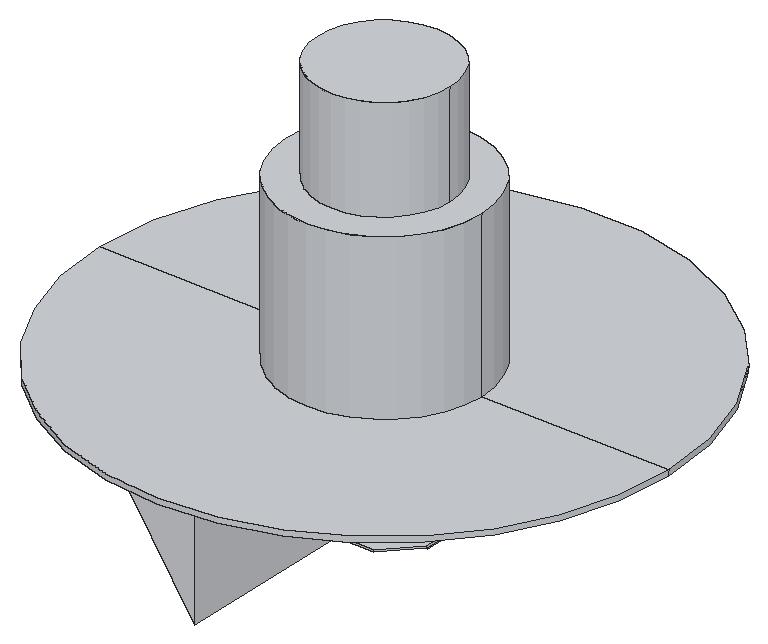
Revit family "XLQRHC", category Sprinklers, Revit 2019
Family settings
  Maintain Annotation Orientation = No
  Round Connector Dimension = Use Diameter
  Part Type = Normal
  OmniClass Number = 23.85.30.21
  OmniClass Title = Environmental Detection/Registration
  Work Plane-Based = No
  Always vertical = Yes
  Cut with Voids When Loaded = No
  Shared = No
  Room Calculation Point = No
Parameters (values of type "RASCO XL QR COMMERCIAL HSW")
  Temperature Rating = 165 °F
  Response = Quick
  RASCO SIN # = "R4534"
  RASCO Part # = "XLQRHC"
  Pressure Rating = "175 PSI"
  Pressure Class = Standard
  Orifice Size = 7/16"
  Orifice = Standard
  Model = "XL QR COMMERCIAL  HSW"
  Manufacturer = "RASCO"
  K-Factor = 5.6
  Diameter = 5 5/128"
  Description = "CHROME FINISH"
  Coverage = Standard
Reference planes (in)
  plane 1 "Center (Front/Back)": y = 0
  plane 2: z = 0
  plane 3 "Center (Left/Right)": x = 0
Nested families (in)
  nested 1: "RASCO- XLQRHC" at (0, 1.12168, 0), type "RASCO XL QR COMMERCIAL HORIZONTAL SIDEWALL"
Connectors (in)
  piping at (0, 1.12168, 2.509), diameter 0.8125
    settings: on nested 1, index 1, connector inside diameter 24", connector length 0' - 0", flow factor 0, pipe flow 0 GPM, pressure drop 0.00 psi, fitting loss kfactor 0, connector angle 0.00°, fixture units 0, engagement length 0' - 0", angle of deflection 0.00°, flow configuration 0, flow direction 0, fitting loss method 0, system type 7, joint type 0, gender type 0, connector reference index -1, connector utility 0, adjustable connector no, is connector primary yes, connector description ""
Definition of nested family "RASCO- XLQRHC"
  Parameters (values of type "RASCO XL INSTITUTIONAL")
    Type Comments = ""
    Temperature Rating = 0 °F
    Response = (empty or 0)
    Pressure Rating = "0"
    Pressure Class = (empty or 0)
    Orifice Size = 0"
    Orifice = (empty or 0)
    Model = ""
    Manufacturer = ""
    K-Factor = 0
    Coverage = (empty or 0)
    Assembly Code = ""
  Reference planes (in)
    plane 1 "Center (Front/Back)": y = 0
    plane 2: z = 0
    plane 3 "Center (Left/Right)": x = 0
    plane 4 "ref.2": z = 0.873
    plane 5 "ref.3": z = 1.878
    plane 6 "ref. 4": z = 0.294
    plane 7: z = 0.166
    plane 8: z = 0.363
    plane 9 "ref. 5": z = 0.06291
  Forms (in)
    Extrusion 1, solid
      sketch origin (0, 0, 0.873) x (-1, 0, 0) y (0, -1, 0)
        loop
          circle (0, 0) r 0.598
      from 0 to 1.005
    Extrusion 2, solid
      sketch origin (0, 0, 1.75079) x (-1, 0, 0) y (0, -1, 0)
        loop
          circle (0, 0) r 0.405
      from 0.12721 to 0.75821
    Revolve 3, solid
      sketch origin (0, 0, 0.363) x (1, 0, 0) y (0, 0, 1)
        loop
          line (0, 0.51) -> (-1.75, 0.51) -> (-1.75, 0.475) -> (-0.628, 0) -> (0, 0) -> (0, 0.51)
        axis (0, 0.51) -> (0, 0)
      angle from 0 to 360
    Extrusion 4, solid
      sketch origin (0, 0, 0.294) x (0, -1, 0) y (1, 0, 0)
        loop
          circle (0, 0) r 0.614
      from 0.069 to 0
    Revolve 5, solid
      sketch origin (0, 0, 0) x (1, 0, 0) y (0, 0, 1)
        loop
          line (-0.5, 0.294) -> (-0.20877, 0.166) -> (0, 0.166) -> (0, 0.294) -> (-0.5, 0.294)
        axis (0, 0.294) -> (0, 0.166)
      angle from 0 to 360
    Extrusion 6, solid
      sketch origin (0, 0, 0) x (1, 0, 0) y (0, 0, 1)
        loop
          line (-0.34833, 0.24105) -> (-0.37436, 0.19597)
          arc (-0.37436, 0.19597) -> (-0.38219, 0.17257) -> (-0.38025, 0.14797) r 0.06189
          line (-0.38025, 0.14797) -> (-0.35586, 0.06291) -> (-0.39443, 0.0359) -> (-0.35853, 0) -> (-0.31379, 0.03133)
          arc (-0.31379, 0.03133) -> (-0.3038, 0.04447) -> (-0.30329, 0.06097) r 0.02708
          line (-0.30329, 0.06097) -> (-0.32899, 0.15061)
          arc (-0.32899, 0.15061) -> (-0.33022, 0.16619) -> (-0.32526, 0.18101) r 0.03919
          line (-0.32526, 0.18101) -> (-0.30503, 0.21605) -> (-0.34833, 0.24105)
        loop
          line (0.34833, 0.24105) -> (0.30503, 0.21605) -> (0.32526, 0.18101)
          arc (0.32526, 0.18101) -> (0.33022, 0.16619) -> (0.32899, 0.15061) r 0.03919
          line (0.32899, 0.15061) -> (0.30329, 0.06097)
          arc (0.30329, 0.06097) -> (0.3038, 0.04447) -> (0.31379, 0.03133) r 0.02708
          line (0.31379, 0.03133) -> (0.35853, 0) -> (0.39443, 0.0359) -> (0.35586, 0.06291) -> (0.38025, 0.14797)
          arc (0.38025, 0.14797) -> (0.38219, 0.17257) -> (0.37436, 0.19597) r 0.06189
          line (0.37436, 0.19597) -> (0.34833, 0.24105)
      from -0.11113 to 0.11041
    Extrusion 7, solid
      sketch origin (-0.0518, -0.12961, 0.06291) x (-1, 0, 0) y (0, -1, 0)
        loop
          line (0.19208, -0.51961) -> (0.3692, -0.32259) -> (0.3692, 0.06101) -> (0.18997, 0.26039) -> (-0.29859, 0.26039) -> (-0.4728, 0.06659) -> (-0.4728, -0.32111) -> (-0.29435, -0.51961) -> (0.19208, -0.51961)
      from 0 to 0.012
    Extrusion 8, solid
      sketch origin (0, 0, 0) x (1, 0, 0) y (0, 0, 1)
        loop
          line (-0.66, 0.363) -> (-0.66, 0.838) -> (-1.59355, 0.838) -> (-0.66, -0.54605) -> (-0.66, 0.363)
      from -0.635 to 0.635
